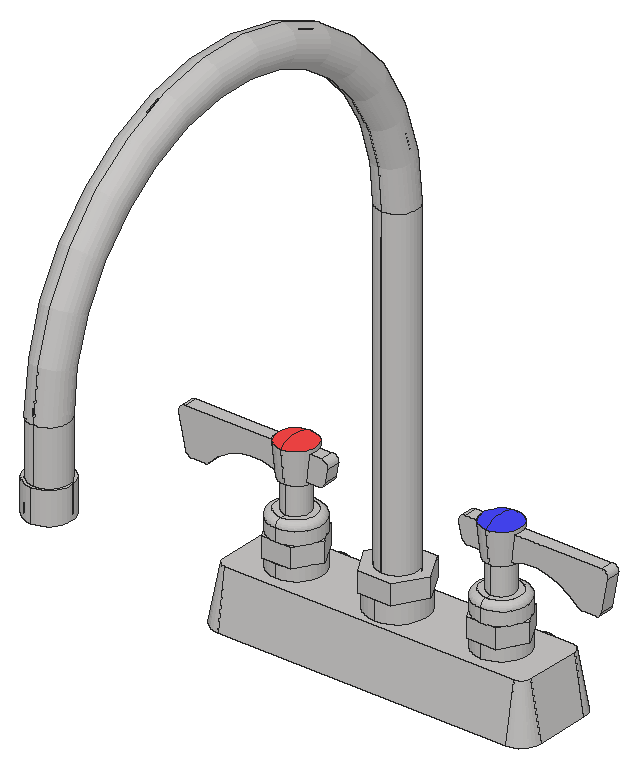
Revit family "Krowne_15-302L_DeckMount_Faucet", category Plumbing Fixtures, Revit 2018
Family settings
  Round Connector Dimension = Use Diameter
  Part Type = Normal
  OmniClass Number = 23.40.40.00
  OmniClass Title = Food Service Equipment and Furnishings
  Work Plane-Based = No
  Always vertical = Yes
  Cut with Voids When Loaded = No
  Shared = No
  Room Calculation Point = No
Parameters (values of type "DefaultType")
  Width = 8 3/8"
  Weight in Pounds = 5
  Watermarked By = ""
  Waste Water Discharge Temperature [instance] = -459.67 °F
  URL Cutsheet = ""
  URL = "https://krowne.com/"
  Status [instance] = ""
  Specification by User [instance] = ""
  Specification by Manufacturer [instance] = ""
  Serial Number [instance] = ""
  Revision Code [instance] = ""
  Plumbing Remarks [instance] = ""
  Plumbing Connection Type = ""
  NAFEM Spec ID Number [instance] = ""
  Model = "15-302L"
  Masterspec [instance] = ""
  Manufacturer = "Krowne Metal"
  KCLRef = "KCL2C9,,0004c57f-0000-0000-0000-000000000307,KR,15-302L ,637100768640000000,d0083dc6-0e21-407b-918d-74c8d6381354,a6620778-352f-4f2d-93a1-98e9baaa61ea"
  KCL SpecSheet URL = "http://kclweb.kclcad.com/imagehandler.ashx?kdoc=15-3xxl&R=KR&M=15-302L%20&VC=7&TID=KCLWeb&T=doc"
  Item Number [instance] = "-"
  Installed By [instance] = ""
  Hot Water Temperature = 100 °F
  Hot Water Size = 1/2"
  Hot Water RI Height [instance] = 0"
  Hot Water Minimum Pressure = 0.00 psi
  Hot Water Maximum Pressure = 0.00 psi
  Hot Water Flow = 1.8 GPM
  Hot Water Consumption = 0 GPM
  Hot Water Connection Height = 0"
  Height = 3 3/8"
  Furnished By [instance] = ""
  Foodservice Equipment Identifier = yes
  Description = "Deck Mount Faucet"
  Depth = 1 7/8"
  Cold Water Temperature Recommended = -459.67 °F
  Cold Water Size = 1/2"
  Cold Water RI Height [instance] = 0"
  Cold Water Minimum Pressure = 0.00 psi
  Cold Water Maximum Pressure = 0.00 psi
  Cold Water Flow = 1.8 GPM
  Cold Water Consumption = ""
  Cold Water Connection Height = 0"
  CSI MasterFormat = ""
  Assembly Code = "E1090300"
Reference planes (in)
  plane 1 "BACK": y = 0
  plane 2: z = 0
  plane 3 "LEFT": x = -16.75323
  plane 4 "RIGHT": x = -8.37823
  plane 5 "FRONT": y = -1.875
  plane 6 "TOP": z = 3.375
  plane 7 "CENTER L/R": x = -12.56573
  plane 8 "Top of Body": z = 1.0625
  plane 9: y = -0.9375
  plane 10: z = 12.75
  plane 11: z = 6.4375
  plane 12: y = -9.4375
Forms (in)
  Sweep 1, solid, material "QF_Stainless-Polished"
    path origin (-12.56573, 0, 0) x (0, 1, 0) y (0, 0, 1)
      loop
        line (-0.9375, 1.0625) -> (-0.9375, 8.125)
        arc (-0.9375, 8.125) -> (-5.1875, 12.375) -> (-9.4375, 8.125) r 4.25
        line (-9.4375, 8.125) -> (-9.4375, 6.4375)
    profile origin (-12.56573, -0.9375, 4.59375) x (0, -1, 0) y (1, 0, 0)
      loop
        circle (0, 0) r 0.375
      loop
        circle (0, 0) r 0.25
  Extrusion 2, solid, material "QF_Stainless-Polished"
    sketch origin (0, 0, 1.0625) x (0, 1, 0) y (-1, 0, 0)
      loop
        circle (-0.9375, 12.56573) r 0.375
      loop
        circle (-0.9375, 12.56573) r 0.4375
    from 0 to 0.625
  Extrusion 3, solid, material "QF_Stainless-Polished"
    sketch origin (0, 0, 1.0625) x (0, 1, 0) y (-1, 0, 0)
      loop
        circle (-0.9375, 12.56573) r 0.5625
      loop
        circle (-0.9375, 12.56573) r 0.375
    from 0 to 0.375
  Extrusion 4, solid, material "QF_Stainless-Polished"
    sketch origin (0, 0, 1.4375) x (0, 1, 0) y (-1, 0, 0)
      loop
        line (-0.9375, 11.91391) -> (-0.37301, 12.23982) -> (-0.37301, 12.89163) -> (-0.9375, 13.21754) -> (-1.50199, 12.89163) -> (-1.50199, 12.23982) -> (-0.9375, 11.91391)
      loop
        circle (-0.9375, 12.56573) r 0.375
    from 0 to 0.375
  Extrusion 5, solid, material "QF_Stainless-Polished"
    sketch origin (-12.56573, -9.4375, 6.4375) x (0, -1, 0) y (-1, 0, 0)
      loop
        circle (0, 0) r 0.375
      loop
        circle (0, 0) r 0.4375
    from 0 to -0.625
Lines and regions (in)
  symbolic lines
    curve 1: line (-12.23982, -0.37301, 0) -> (-12.89163, -0.37301, 0)
    curve 2: line (-12.89163, -0.37301, 0) -> (-13.21754, -0.9375, 0)
    curve 3: line (-13.21754, -0.9375, 0) -> (-12.94073, -1.41696, 0)
    curve 4: line (-12.19073, -1.41696, 0) -> (-11.91391, -0.9375, 0)
    curve 5: line (-11.91391, -0.9375, 0) -> (-12.23982, -0.37301, 0)
    curve 6: arc (-12.56573, -1.3125, 0) -> (-12.94073, -0.9375, 0) -> (-12.56573, -0.5625, 0) r 0.375
    curve 7: arc (-12.56573, -0.5625, 0) -> (-12.19073, -0.9375, 0) -> (-12.56573, -1.3125, 0) r 0.375
    curve 8: arc (-12.94073, -9.4375, 0) -> (-12.83089, -9.70267, 0) -> (-12.56573, -9.8125, 0) r 0.375
    curve 9: arc (-12.56573, -9.8125, 0) -> (-12.30056, -9.70267, 0) -> (-12.19073, -9.4375, 0) r 0.375
    curve 10: line (-12.94073, -9.4375, 0) -> (-12.94073, -0.9375, 0)
    curve 11: line (-12.19073, -0.9375, 0) -> (-12.19073, -9.4375, 0)
Dimensions and locks (in)
  "Width": plane 3 "LEFT" to plane 4 "RIGHT"
  "Depth": plane 5 "FRONT" to plane 1 "BACK"
  "Height": plane 6 "TOP" to plane 2
  plane 8 "Top of Body" to level = 1 1/16"
  equal spacing: plane 5 "FRONT", plane 9, plane 1 "BACK"
  equal spacing: plane 3 "LEFT", plane 7 "CENTER L/R", plane 4 "RIGHT"
  plane 10 to plane 8 "Top of Body" = 11 11/16"
  plane 11 to plane 8 "Top of Body" = 5 3/8"
  plane 12 to plane 1 "BACK" = 9 7/16"
  aligned and locked: level to plane 2
  aligned and locked: plane 9 to Sweep 1 sketch curve
  aligned and locked: Sweep 1 sketch curve to plane 12
  aligned and locked: plane 11 to Sweep 1 sketch curve
Automatic sketch dimensions
  Sweep 1 sketch curve to plane 8 "Top of Body" = 0"
  Sweep 1 sketch curve to Sweep 1 sketch curve = 0"  (x2)
  Sweep 1 sketch curve to plane 7 "CENTER L/R" = 0"
  Sweep 1 sketch curve to profile plane = 0"
  Extrusion 2 sketch curve to Extrusion 2 sketch curve = 0"  (x2)
  Extrusion 2 sketch curve to plane 7 "CENTER L/R" = 0"
  plane 9 to Extrusion 2 sketch curve = 0"
  Extrusion 4 sketch curve to Extrusion 4 sketch curve = 0"  (x2)
  Extrusion 4 sketch curve to Extrusion 4 sketch curve = 0.56449"  (x2)
  Extrusion 4 sketch curve to Extrusion 4 sketch curve = 0.32591"  (x5)
  Extrusion 4 sketch curve to Extrusion 4 sketch curve = 0.65182"
  curve 8 to curve 9 = 0"
  plane 9 to curve 2 = 0"
  plane 12 to curve 10 = 0"
  plane 9 to curve 10 = 0"
  curve 6 to plane 7 "CENTER L/R" = 0"
  plane 9 to curve 11 = 0"
  plane 9 to curve 4 = 0"
  plane 9 to curve 6 = 0"
  curve 1 to plane 7 "CENTER L/R" = 0.32591"
  curve 10 to curve 8 = 3/8"
  curve 3 to curve 10 = 0.27682"
  plane 7 "CENTER L/R" to curve 5 = 0.32591"
  curve 11 to curve 4 = 0.27682"
  plane 1 "BACK" to curve 1 = 0.37301"
  curve 3 to curve 6 = 0.10446"
  curve 4 to curve 6 = 0.10446"
  Sweep 1 sketch curve to plane 10 = 4 5/8"
  Extrusion 3 sketch curve to Extrusion 3 sketch curve = 0"  (x2)
  Extrusion 3 sketch curve to plane 7 "CENTER L/R" = 0"
  plane 9 to Extrusion 3 sketch curve = 0"
  radius of Sweep 1 sketch curve = 3/8"
  radius of Sweep 1 sketch curve = 1/4"
  radius of Extrusion 2 sketch curve = 3/8"
  radius of Extrusion 2 sketch curve = 7/16"
  radius of Extrusion 4 sketch curve to Extrusion 3 = 0"
  radius of Extrusion 5 sketch curve to Sweep 1 = 0"
  radius of Sweep 1 to Extrusion 5 sketch curve = 1/16"
  radius of Extrusion 3 sketch curve = 9/16"
  radius of Extrusion 3 sketch curve = 3/8"
Nested families (in)
  nested 1: "QF_Krowne_15-3_Body" at (-0.1875, 0, 0), type "QF_Krowne_15-3_Body"
Connectors (in)
  piping at (-14.56573, 0.25, 0.53125), diameter 0.5, driven by "Hot Water Flow", driven by "Hot Water Size"
    settings: on nested 1, index 1, connector inside diameter 24", connector length 0", flow factor 0, pipe flow 1.8 GPM, pressure drop 0.00 psi, fitting loss kfactor 0, connector angle 0.00°, fixture units 0, engagement length 0", angle of deflection 0.00°, flow configuration 1, flow direction 1, fitting loss method 0, system type 19, joint type 0, gender type 0, connector reference index -1, connector utility 0, adjustable connector no, is connector primary yes, connector description "HOT WATER"
  piping at (-10.56573, 0.25, 0.53125), diameter 0.5, driven by "Cold Water Flow", driven by "Cold Water Size"
    settings: on nested 1, index 2, connector inside diameter 24", connector length 0", flow factor 0, pipe flow 1.8 GPM, pressure drop 0.00 psi, fitting loss kfactor 0, connector angle 0.00°, fixture units 0, engagement length 0", angle of deflection 0.00°, flow configuration 1, flow direction 1, fitting loss method 0, system type 20, joint type 0, gender type 0, connector reference index -1, connector utility 0, adjustable connector no, is connector primary no, connector description "COLD WATER"
Definition of nested family "QF_Krowne_15-3_Body"
  Parameters (values of type "QF_Krowne_15-3_Body")
    Width = 8 5/16"
    Watermarked By = ""
    Height = 3 7/8"
    Description = ""
    Depth = 1 13/16"
  Reference planes (in)
    plane 1 "BACK": y = 0
    plane 2: z = 0
    plane 3 "LEFT": x = -16.53448
    plane 4 "RIGHT": x = -8.22198
    plane 5 "TOP": z = 3.1875
    plane 6 "Center": x = -12.37823
    plane 7 "Left of Handle": x = -14.37823
    plane 8 "Right of Handle": x = -10.37823
    plane 9 "Top of Body": z = 1.0625
    plane 10 "FRONT": y = -1.8125
    plane 11: x = -15.56573
    plane 12: x = -9.19073
    plane 13 "Faucet Handle Center": y = -0.90625
    plane 14: y = -0.78125
    plane 15: y = -1.03125
    plane 16: z = 0.53125
    plane 17: z = 3.375
  Forms (in)
    Blend 1, solid
      base sketch origin (0, 0, 0) x (1, 0, 0) y (0, 1, 0)
        loop
          line (-15.19073, -1.8125) -> (-9.56573, -1.8125)
          arc (-9.56573, -1.8125) -> (-9.30056, -1.70267) -> (-9.19073, -1.4375) r 0.375
          line (-9.19073, -1.4375) -> (-9.19073, -0.375)
          arc (-9.19073, -0.375) -> (-9.30056, -0.10983) -> (-9.56573, 0) r 0.375
          line (-9.56573, 0) -> (-15.19073, 0)
          arc (-15.19073, 0) -> (-15.45589, -0.10983) -> (-15.56573, -0.375) r 0.375
          line (-15.56573, -0.375) -> (-15.56573, -1.4375)
          arc (-15.56573, -1.4375) -> (-15.45589, -1.70267) -> (-15.19073, -1.8125) r 0.375
      top sketch origin (0, 0, 0) x (1, 0, 0) y (0, 1, 0)
        loop
          arc (-15.37823, -1.4375) -> (-15.32331, -1.57008) -> (-15.19073, -1.625) r 0.1875
          line (-15.19073, -1.625) -> (-9.56573, -1.625)
          arc (-9.56573, -1.625) -> (-9.43314, -1.57008) -> (-9.37823, -1.4375) r 0.1875
          line (-9.37823, -1.4375) -> (-9.37823, -0.375)
          arc (-9.37823, -0.375) -> (-9.43314, -0.24242) -> (-9.56573, -0.1875) r 0.1875
          line (-9.56573, -0.1875) -> (-15.19073, -0.1875)
          arc (-15.19073, -0.1875) -> (-15.32331, -0.24242) -> (-15.37823, -0.375) r 0.1875
          line (-15.37823, -0.375) -> (-15.37823, -1.4375)
      from 0 to 1.0625
    Extrusion 2, solid
      sketch origin (0, 0, 1.0625) x (0, 1, 0) y (-1, 0, 0)
        loop
          circle (-0.90625, 14.37823) r 0.5
        loop
          circle (-0.90625, 10.37823) r 0.5
      from 0 to 0.25
    Extrusion 3, solid
      sketch origin (0, 0, 1.3125) x (0, 1, 0) y (-1, 0, 0)
        loop
          line (-0.90625, 13.81573) -> (-0.41911, 14.09698) -> (-0.41911, 14.65948) -> (-0.90625, 14.94073) -> (-1.39339, 14.65948) -> (-1.39339, 14.09698) -> (-0.90625, 13.81573)
        loop
          line (-0.90625, 9.81573) -> (-0.41911, 10.09698) -> (-0.41911, 10.65948) -> (-0.90625, 10.94073) -> (-1.39339, 10.65948) -> (-1.39339, 10.09698) -> (-0.90625, 9.81573)
      from 0 to 0.375
    Revolve 4, solid
      sketch origin (-14.37823, 0, 0) x (0, 1, 0) y (0, 0, 1)
        loop
          line (-0.90625, 1.6875) -> (-0.40625, 1.6875) -> (-0.40625, 1.9375)
          arc (-0.40625, 1.9375) -> (-0.44286, 2.02589) -> (-0.53125, 2.0625) r 0.125
          line (-0.53125, 2.0625) -> (-0.90625, 2.0625) -> (-0.90625, 1.6875)
        axis (-0.90625, 1.6875) -> (-0.90625, 2.0625)
      angle from 0 to 360
    Revolve 5, solid
      sketch origin (-10.37823, 0, 0) x (0, 1, 0) y (0, 0, 1)
        loop
          line (-0.90625, 1.6875) -> (-0.40625, 1.6875) -> (-0.40625, 1.9375)
          arc (-0.40625, 1.9375) -> (-0.44286, 2.02589) -> (-0.53125, 2.0625) r 0.125
          line (-0.53125, 2.0625) -> (-0.90625, 2.0625) -> (-0.90625, 1.6875)
        axis (-0.90625, 1.6875) -> (-0.90625, 2.0625)
      angle from 0 to 360
    Revolve 6, solid
      sketch origin (-10.37823, 0, 0) x (0, 1, 0) y (0, 0, 1)
        loop
          line (-0.90625, 2.0625) -> (-0.65625, 2.0625) -> (-0.65625, 2.625) -> (-0.90625, 2.625) -> (-0.90625, 2.0625)
        axis (-0.90625, 2.0625) -> (-0.90625, 2.625)
      angle from 0 to 360
    Revolve 7, solid
      sketch origin (-14.37823, 0, 0) x (0, 1, 0) y (0, 0, 1)
        loop
          line (-0.90625, 2.0625) -> (-0.65625, 2.0625) -> (-0.65625, 2.625) -> (-0.90625, 2.625) -> (-0.90625, 2.0625)
        axis (-0.90625, 2.0625) -> (-0.90625, 2.625)
      angle from 0 to 360
    Revolve 8, solid
      sketch origin (-14.37823, 0, 0) x (0, 1, 0) y (0, 0, 1)
        loop
          line (-0.90625, 2.625) -> (-0.59375, 2.625) -> (-0.53125, 3.25) -> (-0.90625, 3.25) -> (-0.90625, 2.625)
        axis (-0.90625, 2.625) -> (-0.90625, 3.25)
      angle from 0 to 360
    Revolve 9, solid
      sketch origin (-10.37823, 0, 0) x (0, 1, 0) y (0, 0, 1)
        loop
          line (-0.90625, 2.625) -> (-0.59375, 2.625) -> (-0.53125, 3.25) -> (-0.90625, 3.25) -> (-0.90625, 2.625)
        axis (-0.90625, 2.625) -> (-0.90625, 3.25)
      angle from 0 to 360
    Revolve 10, solid
      sketch origin (-14.37823, 0, 0) x (0, 1, 0) y (0, 0, 1)
        loop
          line (-0.90625, 3.25) -> (-0.53125, 3.25)
          arc (-0.53125, 3.25) -> (-0.70704, 3.34763) -> (-0.90625, 3.375) r 0.54601
          line (-0.90625, 3.375) -> (-0.90625, 3.25)
        axis (-0.90625, 3.25) -> (-0.90625, 3.375)
      angle from 0 to 360
    Revolve 11, solid
      sketch origin (-10.37823, 0, 0) x (0, 1, 0) y (0, 0, 1)
        loop
          line (-0.90625, 3.25) -> (-0.53125, 3.25)
          arc (-0.53125, 3.25) -> (-0.70704, 3.34763) -> (-0.90625, 3.375) r 0.54601
          line (-0.90625, 3.375) -> (-0.90625, 3.25)
        axis (-0.90625, 3.25) -> (-0.90625, 3.375)
      angle from 0 to 360
    Extrusion 12, solid
      sketch origin (0, 0, 0) x (1, 0, 0) y (0, 0, 1)
        loop
          circle (-14.37823, 0.53125) r 0.25
        loop
          circle (-10.37823, 0.53125) r 0.25
      from 0.21074 to -0.25
    Extrusion 13, solid
      sketch origin (0, -0.90625, 0) x (1, 0, 0) y (0, 0, 1)
        loop
          arc (-16.43825, 3.1875) -> (-16.53492, 3.14175) -> (-16.56082, 3.03799) r 0.125
          line (-16.56082, 3.03799) -> (-16.43584, 2.41303)
          arc (-16.43584, 2.41303) -> (-16.39251, 2.34087) -> (-16.31326, 2.31254) r 0.125
          line (-16.31326, 2.31254) -> (-16.06338, 2.31254)
          arc (-16.06338, 2.31254) -> (-16.01059, 2.32423) -> (-15.96768, 2.35712) r 0.125
          arc (-15.96768, 2.35712) -> (-15.39497, 2.72229) -> (-14.7163, 2.69449) r 1.13354
          arc (-14.7163, 2.69449) -> (-14.69547, 2.68898) -> (-14.674, 2.68712) r 0.125
          line (-14.674, 2.68712) -> (-13.83077, 2.68712)
          arc (-13.83077, 2.68712) -> (-13.75152, 2.71545) -> (-13.7082, 2.78761) r 0.125
          line (-13.7082, 2.78761) -> (-13.65813, 3.03799)
          arc (-13.65813, 3.03799) -> (-13.68403, 3.14175) -> (-13.7807, 3.1875) r 0.125
          line (-13.7807, 3.1875) -> (-16.43825, 3.1875)
        loop
          line (-8.3182, 3.1875) -> (-10.97575, 3.1875)
          arc (-10.97575, 3.1875) -> (-11.07242, 3.14175) -> (-11.09832, 3.03799) r 0.125
          line (-11.09832, 3.03799) -> (-11.04825, 2.78761)
          arc (-11.04825, 2.78761) -> (-11.00493, 2.71545) -> (-10.92568, 2.68712) r 0.125
          line (-10.92568, 2.68712) -> (-10.08245, 2.68712)
          arc (-10.08245, 2.68712) -> (-10.06098, 2.68898) -> (-10.04015, 2.69449) r 0.125
          arc (-10.04015, 2.69449) -> (-9.36148, 2.72229) -> (-8.78877, 2.35712) r 1.13354
          arc (-8.78877, 2.35712) -> (-8.74586, 2.32423) -> (-8.69307, 2.31254) r 0.125
          line (-8.69307, 2.31254) -> (-8.44319, 2.31254)
          arc (-8.44319, 2.31254) -> (-8.36394, 2.34087) -> (-8.32061, 2.41303) r 0.125
          line (-8.32061, 2.41303) -> (-8.19563, 3.03799)
          arc (-8.19563, 3.03799) -> (-8.22153, 3.14175) -> (-8.3182, 3.1875) r 0.125
      from -0.125 to 0.125
  Lines and regions (in)
    symbolic lines
      curve 1: line (-16.56082, -0.78125, 1.0625) -> (-13.6557, -0.78125, 1.0625)
      curve 2: line (-16.56082, -1.03125, 1.0625) -> (-16.56082, -0.78125, 1.0625)
      curve 3: line (-13.6557, -1.03125, 1.0625) -> (-16.56082, -1.03125, 1.0625)
      curve 4: line (-13.6557, -0.78125, 1.0625) -> (-13.6557, -1.03125, 1.0625)
      curve 5: line (-8.22198, -0.78125, 1.0625) -> (-11.10075, -0.78125, 1.0625)
      curve 6: line (-8.22198, -1.03125, 1.0625) -> (-8.22198, -0.78125, 1.0625)
      curve 7: line (-11.10075, -1.03125, 1.0625) -> (-8.22198, -1.03125, 1.0625)
      curve 8: line (-11.10075, -0.78125, 1.0625) -> (-11.10075, -1.03125, 1.0625)
      curve 9: line (-9.56573, 0, 1.0625) -> (-15.19073, 0, 1.0625)
      curve 10: line (-9.19073, -1.4375, 1.0625) -> (-9.19073, -1.03125, 1.0625)
      curve 11: line (-15.19073, -1.8125, 1.0625) -> (-9.56573, -1.8125, 1.0625)
      curve 12: line (-15.56573, -0.375, 1.0625) -> (-15.56573, -0.78125, 1.0625)
      curve 13: line (-15.56573, -1.03125, 1.0625) -> (-15.56573, -1.4375, 1.0625)
      curve 14: line (-9.19073, -0.78125, 1.0625) -> (-9.19073, -0.375, 1.0625)
      curve 15: line (-14.65948, -0.41911, 1.0625) -> (-14.86856, -0.78125, 1.0625)
      curve 16: line (-14.65948, -0.41911, 1.0625) -> (-14.09698, -0.41911, 1.0625)
      curve 17: line (-14.09698, -0.41911, 1.0625) -> (-13.88789, -0.78125, 1.0625)
      curve 18: line (-14.09698, -1.39339, 1.0625) -> (-14.65948, -1.39339, 1.0625)
      curve 19: line (-14.65948, -1.39339, 1.0625) -> (-14.86856, -1.03125, 1.0625)
      curve 20: line (-14.09698, -1.39339, 1.0625) -> (-13.88789, -1.03125, 1.0625)
      curve 21: line (-10.65948, -0.41911, 1.0625) -> (-10.09698, -0.41911, 1.0625)
      curve 22: line (-10.09698, -0.41911, 1.0625) -> (-9.88789, -0.78125, 1.0625)
      curve 23: line (-10.65948, -0.41911, 1.0625) -> (-10.86856, -0.78125, 1.0625)
      curve 24: line (-10.09698, -1.39339, 1.0625) -> (-10.65948, -1.39339, 1.0625)
      curve 25: line (-10.65948, -1.39339, 1.0625) -> (-10.86856, -1.03125, 1.0625)
      curve 26: line (-10.09698, -1.39339, 1.0625) -> (-9.88789, -1.03125, 1.0625)
      curve 27: arc (-15.56573, -0.375, 1.0625) -> (-15.45589, -0.10983, 1.0625) -> (-15.19073, 0, 1.0625) r 0.375
      curve 28: arc (-9.19073, -0.375, 1.0625) -> (-9.30056, -0.10983, 1.0625) -> (-9.56573, 0, 1.0625) r 0.375
      curve 29: arc (-9.19073, -1.4375, 1.0625) -> (-9.30056, -1.70267, 1.0625) -> (-9.56573, -1.8125, 1.0625) r 0.375
      curve 30: arc (-15.19073, -1.8125, 1.0625) -> (-15.45589, -1.70267, 1.0625) -> (-15.56573, -1.4375, 1.0625) r 0.375
      curve 31: line (-9.56573, -0.1875, 1.0625) -> (-15.19073, -0.1875, 1.0625)
      curve 32: arc (-15.19073, -0.1875, 1.0625) -> (-15.32331, -0.24242, 1.0625) -> (-15.37823, -0.375, 1.0625) r 0.1875
      curve 33: arc (-15.37823, -1.4375, 1.0625) -> (-15.32331, -1.57008, 1.0625) -> (-15.19073, -1.625, 1.0625) r 0.1875
      curve 34: line (-15.19073, -1.625, 1.0625) -> (-9.56573, -1.625, 1.0625)
      curve 35: arc (-9.56573, -1.625, 1.0625) -> (-9.43314, -1.57008, 1.0625) -> (-9.37823, -1.4375, 1.0625) r 0.1875
      curve 36: arc (-9.37823, -0.375, 1.0625) -> (-9.43314, -0.24242, 1.0625) -> (-9.56573, -0.1875, 1.0625) r 0.1875
      curve 37: line (-9.37823, -0.375, 1.0625) -> (-9.37823, -0.78125, 1.0625)
      curve 38: line (-9.37823, -1.4375, 1.0625) -> (-9.37823, -1.03125, 1.0625)
      curve 39: line (-15.37823, -1.4375, 1.0625) -> (-15.37823, -1.03125, 1.0625)
      curve 40: line (-15.37823, -0.375, 1.0625) -> (-15.37823, -0.78125, 1.0625)
  Dimensions and locks (in)
    "Width": plane 3 "LEFT" to plane 4 "RIGHT"
    equal spacing: plane 3 "LEFT", plane 6 "Center", plane 4 "RIGHT"
    equal spacing: plane 7 "Left of Handle", plane 6 "Center", plane 8 "Right of Handle"
    plane 9 "Top of Body" to level = 1 1/16"
    equal spacing: plane 10 "FRONT", plane 13 "Faucet Handle Center", plane 1 "BACK"
    equal spacing: plane 15, plane 13 "Faucet Handle Center", plane 14
    locked: plane 15 to plane 14 at 0.25
    equal spacing: plane 9 "Top of Body", plane 16, level
    plane 7 "Left of Handle" to plane 8 "Right of Handle" = 4"
    "Depth": plane 10 "FRONT" to plane 1 "BACK"
    plane 6 "Center" to plane 12 = 3 3/16"
    plane 11 to plane 6 "Center" = 3 3/16"
    plane 5 "TOP" to level = 3 3/16"
    plane 17 to level = 3 3/8"
    aligned and locked: level to plane 2
    aligned and locked: plane 9 "Top of Body" to Blend 1
    aligned and locked: Extrusion 3 to Revolve 5 sketch curve
    aligned and locked: Revolve 8 sketch curve to Revolve 8 sketch curve
    aligned and locked: Revolve 9 sketch curve to Revolve 9 sketch curve
    aligned and locked: plane 4 "RIGHT" to curve 6
    aligned and locked: curve 12 to plane 11
    aligned and locked: Extrusion 13 sketch curve to plane 5 "TOP"
    aligned and locked: plane 5 "TOP" to Extrusion 13 sketch curve
    aligned and locked: Extrusion 13 to plane 14
    aligned and locked: plane 15 to Extrusion 13
    aligned and locked: plane 10 "FRONT" to Blend 1 sketch curve
    aligned and locked: Blend 1 sketch curve to plane 11
    aligned and locked: plane 10 "FRONT" to curve 11
    aligned and locked: plane 13 "Faucet Handle Center" to Revolve 5 sketch curve
  Automatic sketch dimensions
    Extrusion 2 sketch curve to plane 8 "Right of Handle" = 0"
    plane 13 "Faucet Handle Center" to Extrusion 2 sketch curve = 0"  (x2)
    Extrusion 2 sketch curve to plane 7 "Left of Handle" = 0"
    Revolve 4 sketch curve to plane 13 "Faucet Handle Center" = 0"  (x2)
    Revolve 4 sketch curve to Revolve 4 sketch curve = 3/8"
    Revolve 4 sketch curve to Revolve 4 sketch curve = 1/8"
    plane 9 "Top of Body" to Revolve 4 sketch curve = 5/8"
    Revolve 4 sketch curve to Revolve 4 sketch curve = 1/4"
    Revolve 4 sketch curve to Revolve 4 sketch curve = 0"  (x2)
    Revolve 5 sketch curve to plane 13 "Faucet Handle Center" = 0"
    Revolve 5 sketch curve to Revolve 5 sketch curve = 3/8"
    Revolve 5 sketch curve to Revolve 5 sketch curve = 1/8"
    Revolve 5 sketch curve to Revolve 5 sketch curve = 0"  (x2)
    Revolve 5 sketch curve to Revolve 5 sketch curve = 1/4"
    Revolve 6 sketch curve to plane 13 "Faucet Handle Center" = 0"  (x2)
    Revolve 6 sketch curve to plane 13 "Faucet Handle Center" = 1/4"
    plane 9 "Top of Body" to Revolve 6 sketch curve = 1"
    Revolve 6 sketch curve to Revolve 6 sketch curve = 9/16"
    Revolve 6 sketch curve to Revolve 6 sketch curve = 3/8"
    Revolve 6 sketch curve to Revolve 6 sketch curve = 0"
    Revolve 7 sketch curve to plane 13 "Faucet Handle Center" = 0"  (x2)
    Revolve 7 sketch curve to Revolve 7 sketch curve = 1/4"
    plane 9 "Top of Body" to Revolve 7 sketch curve = 1"
    Revolve 7 sketch curve to Revolve 7 sketch curve = 9/16"
    Revolve 7 sketch curve to Revolve 7 sketch curve = 3/8"
    Revolve 7 sketch curve to Revolve 7 sketch curve = 0"
    Revolve 8 sketch curve to plane 13 "Faucet Handle Center" = 0"
    Revolve 8 sketch curve to Revolve 8 sketch curve = 5/16"
    plane 5 "TOP" to Revolve 8 sketch curve = 1/16"
    Revolve 8 sketch curve to Revolve 8 sketch curve = 3/8"
    Revolve 8 sketch curve to plane 5 "TOP" = 9/16"
    Revolve 8 sketch curve to Revolve 8 sketch curve = 0"  (x2)
    Revolve 9 sketch curve to plane 13 "Faucet Handle Center" = 0"
    Revolve 9 sketch curve to plane 13 "Faucet Handle Center" = 5/16"
    plane 5 "TOP" to Revolve 9 sketch curve = 1/16"
    Revolve 9 sketch curve to plane 13 "Faucet Handle Center" = 3/8"
    Revolve 9 sketch curve to plane 5 "TOP" = 9/16"
    Revolve 9 sketch curve to Revolve 9 sketch curve = 0"  (x2)
    Revolve 10 sketch curve to plane 13 "Faucet Handle Center" = 0"  (x2)
    Revolve 10 sketch curve to plane 13 "Faucet Handle Center" = 0.02655"
    plane 5 "TOP" to Revolve 10 sketch curve = 1/16"
    Revolve 10 sketch curve to Revolve 10 sketch curve = 3/8"
    Revolve 10 sketch curve to plane 5 "TOP" = 0.35786"
    Revolve 10 sketch curve to Revolve 10 sketch curve = 0"  (x2)
    Revolve 11 sketch curve to plane 13 "Faucet Handle Center" = 0"  (x2)
    Revolve 11 sketch curve to plane 13 "Faucet Handle Center" = 0.02655"
    plane 5 "TOP" to Revolve 11 sketch curve = 1/16"
    Revolve 11 sketch curve to Revolve 11 sketch curve = 3/8"
    Revolve 11 sketch curve to plane 5 "TOP" = 0.35786"
    Revolve 11 sketch curve to Revolve 11 sketch curve = 0"  (x2)
    Extrusion 12 sketch curve to plane 7 "Left of Handle" = 0"
    Extrusion 12 sketch curve to plane 8 "Right of Handle" = 0"
    Extrusion 12 sketch curve to plane 16 = 0"  (x2)
    Extrusion 13 sketch curve to plane 7 "Left of Handle" = 0.29578"
    plane 11 to Extrusion 13 sketch curve = 0.46583"
    plane 3 "LEFT" to Extrusion 13 sketch curve = 0.4711"
    plane 3 "LEFT" to Extrusion 13 sketch curve = 0.22121"
    plane 3 "LEFT" to Extrusion 13 sketch curve = 0.09864"
    plane 3 "LEFT" to Extrusion 13 sketch curve = 0.09623"
    Extrusion 13 sketch curve to plane 3 "LEFT" = 0.02635"
    plane 7 "Left of Handle" to Extrusion 13 sketch curve = 0.54745"
    Extrusion 13 sketch curve to plane 5 "TOP" = 1/8"  (x2)
    Extrusion 13 sketch curve to Extrusion 13 sketch curve = 0.05007"  (x2)
    Extrusion 13 sketch curve to plane 5 "TOP" = 0.39989"
    Extrusion 13 sketch curve to Extrusion 13 sketch curve = 0.12257"  (x2)
    Extrusion 13 sketch curve to plane 5 "TOP" = 0.14951"  (x4)
    Extrusion 13 sketch curve to plane 8 "Right of Handle" = 0.7201"
    plane 8 "Right of Handle" to Extrusion 13 sketch curve = 0.29578"
    Extrusion 13 sketch curve to plane 12 = 0.46583"
    Extrusion 13 sketch curve to plane 4 "RIGHT" = 0.4711"
    Extrusion 13 sketch curve to plane 4 "RIGHT" = 0.22121"
    Extrusion 13 sketch curve to plane 4 "RIGHT" = 0.09864"
    Extrusion 13 sketch curve to plane 4 "RIGHT" = 0.09623"
    plane 4 "RIGHT" to Extrusion 13 sketch curve = 0.02635"
    Extrusion 13 sketch curve to Extrusion 13 sketch curve = 0.25038"
    Extrusion 13 sketch curve to Extrusion 13 sketch curve = 0.10049"  (x2)
    Extrusion 13 sketch curve to plane 5 "TOP" = 0.74996"  (x2)
    Extrusion 13 sketch curve to Extrusion 13 sketch curve = 0"  (x4)
    Extrusion 13 sketch curve to Extrusion 13 sketch curve = 0.02451"  (x2)
    plane 9 "Top of Body" to Extrusion 13 sketch curve = 0.56533"  (x2)
    Extrusion 13 sketch curve to Extrusion 13 sketch curve = 1/8"  (x2)
    plane 11 to Blend 1 sketch curve = 3/8"
    Blend 1 sketch curve to Blend 1 sketch curve = 3/8"
    plane 1 "BACK" to Blend 1 sketch curve = 3/8"  (x2)
    Blend 1 sketch curve to plane 12 = 3/8"
    Blend 1 sketch curve to plane 12 = 3/16"
    Blend 1 sketch curve to Blend 1 sketch curve = 3/16"  (x4)
    plane 11 to Blend 1 sketch curve = 3/16"
    Blend 1 sketch curve to plane 10 "FRONT" = 3/8"
    plane 1 "BACK" to Blend 1 sketch curve = 0"
    Blend 1 sketch curve to plane 12 = 0"
    curve 27 to curve 32 = 0"  (x2)
    curve 28 to curve 36 = 0"  (x2)
    curve 29 to curve 35 = 0"  (x2)
    curve 30 to curve 33 = 0"  (x2)
    curve 30 to plane 11 = 0"
    curve 29 to plane 12 = 0"
    plane 15 to curve 4 = 0"
    plane 15 to curve 26 = 0"
    plane 14 to curve 40 = 0"
    plane 14 to curve 23 = 0"
    curve 14 to plane 12 = 0"
    plane 1 "BACK" to curve 9 = 0"
    curve 34 to plane 10 "FRONT" = 3/16"
    curve 33 to curve 33 = 3/16"
    curve 34 to curve 35 = 3/16"
    plane 15 to curve 26 = 0.36214"
    plane 15 to curve 20 = 0.36214"
    curve 17 to plane 14 = 0.36214"
    curve 23 to plane 14 = 0.36214"
    curve 27 to curve 27 = 3/8"
    plane 1 "BACK" to curve 14 = 3/8"
    curve 31 to curve 28 = 3/16"
    plane 8 "Right of Handle" to curve 22 = 9/32"
    plane 8 "Right of Handle" to curve 24 = 9/32"
    curve 24 to plane 8 "Right of Handle" = 9/32"
    curve 21 to plane 8 "Right of Handle" = 9/32"
    curve 21 to curve 8 = 0.44128"
    plane 7 "Left of Handle" to curve 4 = 0.72253"
    plane 7 "Left of Handle" to curve 20 = 9/32"
    plane 7 "Left of Handle" to curve 17 = 9/32"
    curve 19 to plane 7 "Left of Handle" = 9/32"
    curve 16 to plane 7 "Left of Handle" = 9/32"
    curve 2 to plane 3 "LEFT" = 0.02635"
    curve 22 to curve 21 = 0.20908"
    curve 26 to curve 22 = 0"
    curve 23 to curve 5 = 0.2322"
    curve 25 to curve 7 = 0.2322"
    curve 3 to curve 20 = 0.2322"
    curve 1 to curve 17 = 0.2322"
    curve 18 to curve 19 = 0.20908"
    curve 15 to curve 19 = 0"
    Extrusion 3 sketch curve to Extrusion 3 sketch curve = 0"
    Extrusion 3 sketch curve to Extrusion 3 sketch curve = 0.48714"  (x6)
    Extrusion 3 sketch curve to Extrusion 3 sketch curve = 9/32"  (x6)
    Extrusion 3 sketch curve to Extrusion 3 sketch curve = 9/16"  (x4)
    Extrusion 3 sketch curve to Extrusion 3 sketch curve = 2 7/8"
    radius of Extrusion 2 sketch curve = 1/2"  (x2)
    radius of Extrusion 12 sketch curve = 1/4"  (x2)
